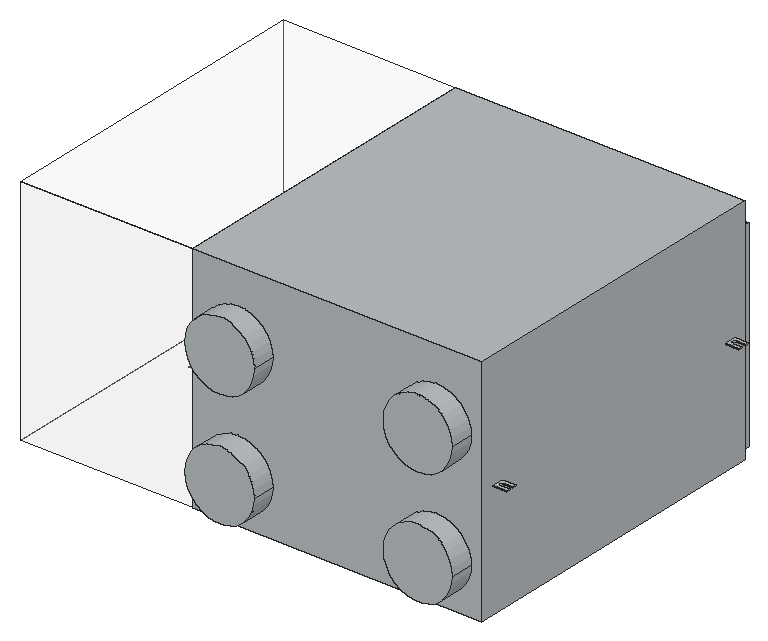
Revit family "lgh-n150_200rx4d_50Hz", category 機械設備, Revit 2019
Family settings
  丸型コネクタ寸法 = 直径を使用
  パーツ タイプ = 標準
  OmniClass 番号 = 23.75.10.34.21
  OmniClass タイトル = Heat Exchangers for Ventilation Air
  作業面ベース = いいえ
  常に垂直 = はい
  ロード時にボイドで切り取り = いいえ
  共有 = いいえ
  部屋計算ポイント = はい
Parameters (values of type "LGH-N150RX4D")
  騒音レベル(dB(A)) = 55
  風量 = 1500.0 m³/h
  面風速 = 8.5 m/s
  電源種別 [instance] = "一般"
  電圧 = 200 V
  電動機出力 = 0 W
  集中コントローラ = ""
  運転質量 = 0.00 kg
  連動 [instance] = ""
  質量 = if(製品質量 > 運転質量, 製品質量, 運転質量) * 1.2  # 144.00 kg
  負荷分類 = 3_ファン類
  説明 = "業務用ロスナイ 天井埋込形"
  設計風量 = 0.0 m³/h
  設置方法 = "天井吊(隠ぺい)形"
  記号 [instance] = ""
  製造元 = "MITSIBISHI ELECTRIC"
  製品質量 = 120.00 kg
  製品出荷対象 = "国内"
  製品リリース年月 = "2023/5/15"
  製品グループ = ""
  系統 [instance] = ""
  符号 = "HEU"
  積算_科目 = "1 空気調和設備"
  積算_拾い区分 [instance] = ""
  相 = 1
  盤記号 [instance] = ""
  発停方法 [instance] = ""
  特殊仕様 [instance] = ""
  点検口高さ = -Height  # -808 mm
  点検口離隔 = 150 mm
  点検口_Depth = 450 mm
  点検口 = yes
  火災停止 [instance] = ""
  温度交換効率 = 74.00%
  消費電力 = 840 W
  法定耐用年数 = "15"
  機外静圧_排気 = 170.0 Pa
  機外静圧 = 170.0 Pa
  極数 = 3
  材質 [instance] = ""
  本体マテリアル = 溶融亜鉛めっき鋼板
  操作・制御方式 = ""
  操作・制御スイッチ = ""
  排気量 = 0.0 m³/h
  形式 = "天井埋込ダクト形"
  幹線記号 [instance] = ""
  対象室 [instance] = ""
  実風量 = 0.0 m³/h
  始動方式 [instance] = "直入"
  天吊金具_径 = 15 mm
  天吊金具_幅 = 30 mm
  外気量 = 設計風量  # 0.0 m³/h
  呼称 = "全熱交換ユニット"
  周波数 = 50 Hz
  天吊金具ピッチ2 = 1010 mm
  天吊金具ピッチ1 = 1045 mm
  天吊金具_高さ = 404 mm
  参照している仕様書等のバージョン = ""
  初期抵抗 = 0.0 Pa
  分類コード = "50052504100070"
  分類グループ = ""
  価格 = 1294000
  企業コード = "108420"
  付属品_フィルター_還気 = ""
  付属品_フィルター = ""
  付属品 [instance] = ""
  仕様書バージョン = "Version1.0"
  モデル = "LGH-N150RX4D"
  メンテナンススペース = yes
  ダクト高 = 700 mm
  ダクト径 = 250 mm
  ダクト幅 = 270 mm
  コメント [instance] = ""
  Keynote = ""
  エンタルピ交換効率_暖房 = 76.00%
  エンタルピ交換効率_冷房 = 66.00%
  Assembly Code = ""
  Width = 1004 mm
  Version = ""
  Uniclass2015Version = "Systems v1.9"
  Uniclass2015Title = "Thermal wheels"
  Uniclass2015Code = "Pr_60_60_36_88"
  URL = "https://www.mitsubishielectric.co.jp/ldg/wink/qr/002/324468/"
  SpecificationReference = ""
  SpecificationDescription = ""
  SMAX風量 = 1500.0 m³/h
  SMAX静圧 = 170.0 Pa
  SAサイズ_D = 242 mm
  Revision = ""
  RAサイズ_D = 242 mm
  ProductInformation = ""
  OmniClassCode = "23-27 23 19 11"
  OAサイズ_W = 270 mm
  OAサイズ_D = 700 mm
  MIN風量 = 770.0 m³/h
  MIN静圧 = 41.0 Pa
  MID風量 = 1260.0 m³/h
  MID静圧 = 109.0 Pa
  MAX風量 = 1500.0 m³/h
  MAX静圧 = 155.0 Pa
  IfcTypeProduct = ""
  IfcProduct = ""
  IfcExportType = "ROTARYWHEEL"
  IfcExportAs = "IfcAirToAirHeatRecoveryType"
  Height = 808 mm
  EAサイズ_W = 270 mm
  EAサイズ_D = 700 mm
  Duct_Pitch = 690 mm
  Duct_Height = 242 mm
  Duct_Depth_SA_RA = 79 mm
  Duct_Depth_OA_EA = 44 mm
  Depth = 1144 mm
  Clearance Top = 0 mm
  Clearance Left = 600 mm
  Clearance Bottom = 0 mm
  Box_Width = 115 mm
  Box_Height = 262 mm
  Box_H = 125 mm
  Box_Depth = 172 mm
  Box_D = 144 mm
  Author = "MITSUBISHI ELECTRIC"
Types (2, lengths in mm): name | 騒音レベル(dB(A)) | 風量 | 面風速 | 質量 | 製品質量 | 温度交換効率 | 消費電力 | 機外静圧_排気 | 機外静圧 | 天吊金具ピッチ1 | 価格 | モデル | エンタルピ交換効率_暖房 | エンタルピ交換効率_冷房 | Width | URL | SMAX風量 | SMAX静圧 | MIN風量 | MIN静圧 | MID風量 | MID静圧 | MAX風量 | MAX静圧 | Duct_Pitch
  LGH-N150RX4D | 55 | 1500.0 m³/h | 8.5 m/s | 144.00 kg | 120.00 kg | 74.00% | 840 W | 170.0 Pa | 170.0 Pa | 1045 | 1294000 | "LGH-N150RX4D" | 76.00% | 66.00% | 1004 | "https://www.mitsubishielectric.co.jp/ldg/wink/qr/002/324468/" | 1500.0 m³/h | 170.0 Pa | 770.0 m³/h | 41.0 Pa | 1260.0 m³/h | 109.0 Pa | 1500.0 m³/h | 155.0 Pa | 690
  LGH-N200RX4D | 56 | 2000.0 m³/h | 11.3 m/s | 158.40 kg | 132.00 kg | 73.00% | 1060 W | 155.0 Pa | 155.0 Pa | 1272 | 1475000 | "LGH-N200RX4D" | 75.00% | 65.00% | 1231 | "https://www.mitsubishielectric.co.jp/ldg/wink/qr/002/324471/" | 2000.0 m³/h | 155.0 Pa | 840.0 m³/h | 23.0 Pa | 1400.0 m³/h | 64.0 Pa | 2000.0 m³/h | 130.0 Pa | 917
Reference planes
  plane 1 "中心(正面/背面)": y = 0
  plane 2: z = 0
  plane 3 "中心(左/右)": x = 0
  plane 4: x = -502
  plane 5: x = 502
  plane 6: y = 572
  plane 7: y = -572
  plane 8: z = -808
  plane 9: z = -242
  plane 10: x = -345
  plane 11: x = 345
  plane 12: y = -651
  plane 13: y = 616
  plane 14: x = -581
  plane 15: x = 581
  plane 16: x = -1102
  plane 17: y = -428
  plane 18: y = -256
  plane 19: z = -125
  plane 20: z = -387
  plane 21: x = -617
  plane 22: x = -652
  plane 23: y = 225
  plane 24: x = -522.5
  plane 25: x = 522.5
  plane 26: y = 505
  plane 27: y = -505
  plane 28: y = -225
  plane 29: x = -552.5
  plane 30: y = 525
  plane 31: y = 485
  plane 32: y = -485
  plane 33: y = -525
  plane 34: z = -5
  plane 35: z = -404
  plane 36: z = -407
  plane 37: x = 552.5
  plane 38: z = -404
  plane 39: x = 480
  plane 40: x = 210
  plane 41: x = -480
  plane 42: x = -210
  plane 43: z = -94
  plane 44: z = -794
  plane 45: z = -94
  plane 46: z = -794
  plane 47: z = -646
  plane 48: z = -529
  plane 49: z = -791
  plane 50: z = -444
  plane 51: z = 0
  plane 52: z = -808
Forms (mm)
  Extrusion 1, solid, material "溶融亜鉛めっき鋼板" <- "本体マテリアル", detail levels fine
    sketch origin (0, 0, 0) x (1, 0, 0) y (0, 1, 0)
      loop
        line (-502, 572) -> (-502, -572) -> (502, -572) -> (502, 572) -> (-502, 572)
    from 0 to -808
  Extrusion 2, solid, material "溶融亜鉛めっき鋼板" <- "本体マテリアル", detail levels fine
    sketch origin (502, -572, 0) x (-1, 0, 0) y (0, 0, -1)
      loop
        circle (847, 242) r 121
    from 0 to 79
  Extrusion 3, solid, material "溶融亜鉛めっき鋼板" <- "本体マテリアル", detail levels fine
    sketch origin (510, -445, 0) x (-1, 0, 0) y (0, 0, -1)
      loop
        circle (165, 242) r 121
    from 127 to 206
  Extrusion 4, solid, material "溶融亜鉛めっき鋼板" <- "本体マテリアル", detail levels fine
    sketch origin (-502, -572, 0) x (0, 1, 0) y (0, 0, -1)
      loop
        line (316, 125) -> (316, 387) -> (144, 387) -> (144, 125) -> (316, 125)
      loop
        line (316, 529) -> (316, 791) -> (144, 791) -> (144, 529) -> (316, 529)
    from 0 to 115
  Extrusion 5, solid, material "溶融亜鉛めっき鋼板" <- "本体マテリアル", detail levels fine
    sketch origin (0, 0, 0) x (1, 0, 0) y (0, 1, 0)
      loop
        line (-552.5, 525) -> (-552.5, 512.5) -> (-522.5, 512.5)
        arc (-522.5, 512.5) -> (-515, 505) -> (-522.5, 497.5) r 7.5
        line (-522.5, 497.5) -> (-552.5, 497.5) -> (-552.5, 485) -> (-502, 485) -> (-502, 525) -> (-552.5, 525)
    from -404 to -407
  Extrusion 6, solid, material "溶融亜鉛めっき鋼板" <- "本体マテリアル", detail levels fine
    sketch origin (0, 0, 0) x (1, 0, 0) y (0, 1, 0)
      loop
        line (-552.5, -525) -> (-502, -525) -> (-502, -485) -> (-552.5, -485) -> (-552.5, -497.5) -> (-522.5, -497.5)
        arc (-522.5, -497.5) -> (-515, -505) -> (-522.5, -512.5) r 7.5
        line (-522.5, -512.5) -> (-552.5, -512.5) -> (-552.5, -525)
    from -404 to -407
  Extrusion 7, solid, material "溶融亜鉛めっき鋼板" <- "本体マテリアル", detail levels fine
    sketch origin (0, 0, 0) x (-1, 0, 0) y (0, -1, 0)
      loop
        line (-552.5, 525) -> (-552.5, 512.5) -> (-522.5, 512.5)
        arc (-522.5, 512.5) -> (-515, 505) -> (-522.5, 497.5) r 7.5
        line (-522.5, 497.5) -> (-552.5, 497.5) -> (-552.5, 485) -> (-502, 485) -> (-502, 525) -> (-552.5, 525)
    from -404 to -407
  Extrusion 8, solid, material "溶融亜鉛めっき鋼板" <- "本体マテリアル", detail levels fine
    sketch origin (0, 0, 0) x (-1, 0, 0) y (0, -1, 0)
      loop
        line (-552.5, -525) -> (-502, -525) -> (-502, -485) -> (-552.5, -485) -> (-552.5, -497.5) -> (-522.5, -497.5)
        arc (-522.5, -497.5) -> (-515, -505) -> (-522.5, -512.5) r 7.5
        line (-522.5, -512.5) -> (-552.5, -512.5) -> (-552.5, -525)
    from -404 to -407
  Extrusion 9, solid, material "溶融亜鉛めっき鋼板" <- "本体マテリアル", detail levels fine
    sketch origin (0, 0, 0) x (1, 0, 0) y (0, 0, 1)
      loop
        circle (-345, -646) r 121
    from 572 to 651
  Extrusion 10, solid, material "溶融亜鉛めっき鋼板" <- "本体マテリアル", detail levels fine
    sketch origin (0, 0, 0) x (1, 0, 0) y (0, 0, 1)
      loop
        circle (345, -646) r 121
    from 572 to 651
  Extrusion 11, solid, material "溶融亜鉛めっき鋼板" <- "本体マテリアル", detail levels fine
    sketch origin (0, 0, 0) x (1, 0, 0) y (0, 0, 1)
      loop
        line (480, -794) -> (480, -94) -> (210, -94) -> (210, -794) -> (480, -794)
    from -616 to -572
  Extrusion 12, solid, material "溶融亜鉛めっき鋼板" <- "本体マテリアル", detail levels fine
    sketch origin (0, 0, 0) x (1, 0, 0) y (0, 0, 1)
      loop
        line (-480, -794) -> (-210, -794) -> (-210, -94) -> (-480, -94) -> (-480, -794)
    from -616 to -572
Lines and regions (mm)
  Masking region 1, detail levels coarse+medium
    outline origin (1326.5, 29, 0) x (1, 0, 0) y (0, 1, 0)
      loop
        line (-1828.5, 543) -> (-1828.5, -601) -> (-824.5, -601) -> (-824.5, 543) -> (-1828.5, 543)
  symbolic lines, detail levels coarse+medium
    curve 1: line (0, 572, 0) -> (-502, 0, 0)
    curve 2: line (-502, 0, 0) -> (0, -572, 0)
    curve 3: line (0, -572, 0) -> (502, 0, 0)
    curve 4: line (502, 0, 0) -> (0, 572, 0)
Dimensions and locks
  equal spacing: plane 4, plane 3 "中心(左/右)", plane 5
  "Width": plane 4 to plane 5
  equal spacing: plane 6, plane 1 "中心(正面/背面)", plane 7
  "Depth": plane 6 to plane 7
  "Height": level to plane 8
  "Duct_Height": level to plane 9
  equal spacing: plane 11, plane 3 "中心(左/右)", plane 10
  "Duct_Pitch": plane 11 to plane 10
  "Duct_Depth_OA_EA": plane 13 to plane 6
  "Duct_Depth_SA_RA": plane 7 to plane 12
  "Duct_Depth_SA_RA": plane 5 to plane 15
  "Duct_Depth_SA_RA": plane 14 to plane 4
  "Clearance Left": plane 16 to plane 4
  "Box_H": level to plane 19
  "Box_Height": plane 19 to plane 20
  "Box_D": plane 17 to plane 7
  "Box_Depth": plane 18 to plane 17
  "Box_Width": plane 21 to plane 4
  "点検口離隔": plane 22 to plane 4
  equal spacing: plane 24, plane 3 "中心(左/右)", plane 25
  "天吊金具ピッチ1": plane 24 to plane 25
  equal spacing: plane 26, plane 1 "中心(正面/背面)", plane 27
  "天吊金具ピッチ2": plane 26 to plane 27
  equal spacing: plane 23, plane 1 "中心(正面/背面)", plane 28
  "点検口_Depth": plane 23 to plane 28
  equal spacing: plane 30, plane 26, plane 31
  locked: plane 30 to plane 31 at 40
  "天吊金具_幅": plane 29 to plane 24
  "天吊金具_高さ": level to plane 35
  locked: plane 35 to plane 36 at 3
  equal spacing: plane 32, plane 27, plane 33
  locked: plane 32 to plane 33 at 40
  "天吊金具_幅": plane 25 to plane 37
  equal spacing: plane 8, plane 38, level
  equal spacing: plane 40, plane 11, plane 39
  "EAサイズ_W": plane 40 to plane 39
  equal spacing: plane 42, plane 10, plane 41
  "OAサイズ_W": plane 42 to plane 41
  "EAサイズ_D": plane 44 to plane 43
  "OAサイズ_D": plane 46 to plane 45
  "Duct_Height": plane 38 to plane 47
  "Box_H": plane 38 to plane 48
  "Box_Height": plane 48 to plane 49
  locked: plane 50 to plane 38 at 40
  equal spacing: plane 44, plane 50, plane 43
  equal spacing: plane 46, plane 50, plane 45
  "Clearance Top": plane 51 to level
  "Clearance Bottom": plane 8 to plane 52
  "RAサイズ_D": diameter of Extrusion 3 sketch curve
  "SAサイズ_D": diameter of Extrusion 9 sketch curve
  "RAサイズ_D": diameter of Extrusion 10 sketch curve
  "SAサイズ_D": diameter of Extrusion 2 sketch curve
  "天吊金具_径": diameter of Extrusion 6 sketch curve
  "天吊金具_径": diameter of Extrusion 7 sketch curve
  "天吊金具_径": diameter of Extrusion 8 sketch curve
  "天吊金具_径": diameter of Extrusion 5 sketch curve
  aligned and locked: level to plane 2
  aligned and locked: Extrusion 1 to plane 8
  aligned and locked: Extrusion 2 to plane 12
  aligned and locked: plane 7 to Extrusion 2
  aligned and locked: plane 7 to Extrusion 3
  aligned and locked: Extrusion 3 to plane 12
  aligned and locked: plane 16 to nested 1
  aligned and locked: plane 4 to nested 1
  aligned and locked: nested 1 to plane 6
  aligned and locked: nested 1 to plane 7
  aligned and locked: Extrusion 4 to plane 21
  aligned and locked: plane 4 to Extrusion 4
  aligned and locked: Masking region 1 to plane 4
  aligned and locked: plane 5 to Masking region 1
  aligned and locked: plane 6 to Masking region 1
  aligned and locked: Masking region 1 to plane 7
  aligned and locked: plane 25 to nested 2
  aligned and locked: plane 24 to nested 2
  aligned and locked: nested 2 to plane 27
  aligned and locked: plane 26 to nested 2
  aligned and locked: Extrusion 4 to plane 18
  aligned and locked: Extrusion 4 to plane 20
  aligned and locked: plane 19 to Extrusion 4
  aligned and locked: plane 17 to Extrusion 4
  aligned and locked: plane 22 to nested 3
  aligned and locked: plane 16 to nested 3
  aligned and locked: plane 23 to nested 3
  aligned and locked: nested 3 to plane 28
  aligned and locked: plane 29 to Extrusion 5 sketch curve  (x2)
  aligned and locked: Extrusion 5 sketch curve to plane 4
  aligned and locked: plane 31 to Extrusion 5 sketch curve
  aligned and locked: Extrusion 5 sketch curve to plane 30
  aligned and locked: Extrusion 5 to plane 35
  aligned and locked: Extrusion 5 to plane 36
  aligned and locked: Extrusion 6 sketch curve to plane 29  (x2)
  aligned and locked: plane 32 to Extrusion 6 sketch curve
  aligned and locked: Extrusion 6 sketch curve to plane 33
  aligned and locked: plane 4 to Extrusion 6 sketch curve
  aligned and locked: plane 35 to Extrusion 6
  aligned and locked: Extrusion 6 to plane 36
  aligned and locked: plane 37 to Extrusion 7 sketch curve  (x2)
  aligned and locked: Extrusion 7 sketch curve to plane 32
  aligned and locked: plane 33 to Extrusion 7 sketch curve
  aligned and locked: plane 5 to Extrusion 7 sketch curve
  aligned and locked: Extrusion 7 to plane 36
  aligned and locked: plane 35 to Extrusion 7
  aligned and locked: Extrusion 8 sketch curve to plane 37  (x2)
  aligned and locked: Extrusion 8 sketch curve to plane 31
  aligned and locked: plane 30 to Extrusion 8 sketch curve
  aligned and locked: Extrusion 8 sketch curve to plane 5
  aligned and locked: plane 35 to Extrusion 8
  aligned and locked: Extrusion 8 to plane 36
  aligned and locked: Extrusion 9 to plane 12
  aligned and locked: plane 7 to Extrusion 9
  aligned and locked: Extrusion 10 to plane 12
  aligned and locked: plane 7 to Extrusion 10
  aligned and locked: plane 44 to Extrusion 11 sketch curve
  aligned and locked: plane 39 to Extrusion 11 sketch curve
  aligned and locked: Extrusion 11 sketch curve to plane 43
  aligned and locked: Extrusion 11 sketch curve to plane 40
  aligned and locked: Extrusion 12 sketch curve to plane 46
  aligned and locked: Extrusion 12 sketch curve to plane 41
  aligned and locked: plane 45 to Extrusion 12 sketch curve
  aligned and locked: plane 42 to Extrusion 12 sketch curve
  aligned and locked: plane 13 to Extrusion 12
  aligned and locked: Extrusion 12 to plane 6
  aligned and locked: plane 13 to Extrusion 11
  aligned and locked: Extrusion 11 to plane 6
  aligned and locked: Extrusion 4 sketch curve to plane 48
  aligned and locked: plane 18 to Extrusion 4 sketch curve
  aligned and locked: plane 49 to Extrusion 4 sketch curve
  aligned and locked: Extrusion 4 sketch curve to plane 17
  aligned and locked: plane 52 to nested 1
  aligned and locked: plane 51 to nested 1
Automatic sketch dimensions
  plane 1 "中心(正面/背面)" to curve 1 = 0 mm
  curve 1 to plane 4 = 0 mm
  curve 2 to plane 3 "中心(左/右)" = 0 mm
  curve 4 to plane 3 "中心(左/右)" = 0 mm
  plane 1 "中心(正面/背面)" to curve 4 = 0 mm
  curve 4 to plane 5 = 0 mm
  curve 2 to plane 7 = 0 mm
  curve 4 to plane 6 = 0 mm
  Extrusion 1 sketch curve to plane 4 = 0 mm
  Extrusion 1 sketch curve to plane 5 = 0 mm
  Extrusion 1 sketch curve to plane 7 = 0 mm
  Extrusion 1 sketch curve to plane 6 = 0 mm
  Extrusion 3 sketch curve to plane 9 = 0 mm
  Extrusion 3 sketch curve to plane 11 = 0 mm
  Masking region 1 sketch curve to plane 4 = 0 mm
  Masking region 1 sketch curve to plane 5 = 0 mm
  Masking region 1 sketch curve to plane 7 = 0 mm
  Masking region 1 sketch curve to plane 6 = 0 mm
  Extrusion 9 sketch curve to plane 10 = 0 mm
  Extrusion 9 sketch curve to plane 47 = 0 mm
  Extrusion 10 sketch curve to plane 11 = 0 mm
  Extrusion 10 sketch curve to plane 47 = 0 mm
  Extrusion 5 sketch curve to plane 24 = 0 mm
  Extrusion 5 sketch curve to plane 26 = 0 mm
  Extrusion 6 sketch curve to plane 24 = 0 mm
  Extrusion 6 sketch curve to plane 27 = 0 mm
  Extrusion 7 sketch curve to plane 25 = 0 mm
  Extrusion 7 sketch curve to plane 27 = 0 mm
  Extrusion 8 sketch curve to plane 25 = 0 mm
  Extrusion 8 sketch curve to plane 26 = 0 mm
  Extrusion 1 to Extrusion 2 sketch curve = 157 mm
  Extrusion 1 to Extrusion 2 sketch curve = 242 mm
  Extrusion 4 sketch curve to Extrusion 1 = 144 mm
  Extrusion 4 sketch curve to Extrusion 4 sketch curve = 172 mm
  Extrusion 4 sketch curve to Extrusion 4 sketch curve = 142 mm
  Extrusion 1 to Extrusion 4 sketch curve = 125 mm
Nested families
  nested 1: "メンテナンススペース" at (-802, 0, -404), visible <- "メンテナンススペース", type "メンテナンススペース"
    with Width 600 mm, Height 808 mm, Depth 1144 mm
  nested 2: "固定点" at (-522.5, -505, 0), type "固定点"
    with W 1045 mm, D 1010 mm
  nested 3: "点検口設置範囲" at (-877, 0, -808), built-in parameter 1001364 <- "点検口高さ", visible <- "点検口", type "点検口設置範囲"
    with Width 450 mm, Depth 450 mm
Connectors
  hvac at (-345, -651, -242), driven by "ダクト径", driven by "機外静圧", driven by "風量"
    settings: on Extrusion 2, index 1, duct flow 1500.0 m³/h, flow factor 0, pres drop 170.0 Pa, loss coef 0, conn angle 0.00°, conn width 304.8 mm, conn height 304.8 mm, conn diameter 250 mm, duct sys type 1, conn prof type 0, flow config 0, flow direction 2, loss method 4, conn ref index -1, conn util no, is conn primary yes, conn desc ""
  hvac at (345, -651, -242), driven by "ダクト径", driven by "機外静圧", driven by "風量"
    settings: on Extrusion 3, index 2, duct flow 1500.0 m³/h, flow factor 0, pres drop 170.0 Pa, loss coef 0, conn angle 0.00°, conn width 304.8 mm, conn height 304.8 mm, conn diameter 250 mm, duct sys type 2, conn prof type 0, flow config 0, flow direction 1, loss method 4, conn ref index -1, conn util no, is conn primary no, conn desc ""
  electrical at (-559.5, -428, -256), driven by "負荷分類", driven by "極数", driven by "電圧", driven by "消費電力"
    settings: on Extrusion 4, index 7, voltage 200 V, apparent load 840 VA, apparent load phase1 0 VA, apparent load phase2 0 VA, apparent load phase3 0 VA, power factor 1, load classification "3_ファン類", number of poles 3, system type 30, power factor state 1, is connector primary yes, connector utility no, sub classification motor no, connector description ""
  hvac at (-345, -651, -646), driven by "ダクト径", driven by "機外静圧", driven by "風量"
    settings: on Extrusion 9, index 8, duct flow 1500.0 m³/h, flow factor 0, pres drop 170.0 Pa, loss coef 0, conn angle 0.00°, conn width 304.8 mm, conn height 304.8 mm, conn diameter 250 mm, duct sys type 1, conn prof type 0, flow config 0, flow direction 2, loss method 4, conn ref index -1, conn util no, is conn primary no, conn desc ""
  hvac at (345, -651, -646), driven by "ダクト径", driven by "機外静圧", driven by "風量"
    settings: on Extrusion 10, index 9, duct flow 1500.0 m³/h, flow factor 0, pres drop 170.0 Pa, loss coef 0, conn angle 0.00°, conn width 304.8 mm, conn height 304.8 mm, conn diameter 250 mm, duct sys type 2, conn prof type 0, flow config 0, flow direction 1, loss method 4, conn ref index -1, conn util no, is conn primary no, conn desc ""
  hvac at (345, 616, -444), driven by "ダクト高", driven by "ダクト幅", driven by "機外静圧_排気", driven by "排気量"
    settings: on Extrusion 11, index 10, duct flow 0.0 m³/h, flow factor 0, pres drop 170.0 Pa, loss coef 0, conn angle 0.00°, conn width 270 mm, conn height 700 mm, conn diameter 609.6 mm, duct sys type 3, conn prof type 1, flow config 0, flow direction 2, loss method 4, conn ref index -1, conn util no, is conn primary no, conn desc ""
  hvac at (-345, 616, -444), driven by "ダクト幅", driven by "ダクト高", driven by "機外静圧", driven by "風量"
    settings: on Extrusion 12, index 11, duct flow 1500.0 m³/h, flow factor 0, pres drop 170.0 Pa, loss coef 0, conn angle 0.00°, conn width 270 mm, conn height 700 mm, conn diameter 609.6 mm, duct sys type 4, conn prof type 1, flow config 0, flow direction 1, loss method 4, conn ref index -1, conn util no, is conn primary no, conn desc ""
Definition of nested family "メンテナンススペース"
  Parameters (values of type "メンテナンススペース")
    Width [instance] = 500 mm
    Height [instance] = 500 mm
    Depth [instance] = 500 mm
  Reference planes
    plane 1 "中心(正面/背面)": y = 0
    plane 2: z = 0
    plane 3 "中心(左/右)": x = 0
    plane 4: y = -250
    plane 5: x = 250
    plane 6: y = 250
    plane 7: x = -250
    plane 8: z = 250
    plane 9: z = -250
  Forms (mm)
    Extrusion 1, solid
      sketch origin (-638.939, 0, 72.39) x (1, 0, 0) y (0, 1, 0)
        loop
          line (388.939, 250) -> (388.939, -250) -> (888.939, -250) -> (888.939, 250) -> (388.939, 250)
      from -322.39 to 177.61
  Lines and regions (mm)
    symbolic lines
      curve 1: line (-250, 0, 250) -> (250, 0, 250)
      curve 2: line (-250, 0, -250) -> (-250, 0, 250)
      curve 3: line (250, 0, -250) -> (-250, 0, -250)
      curve 4: line (250, 0, 250) -> (250, 0, -250)
      curve 5: line (0, -250, 250) -> (0, 250, 250)
      curve 6: line (0, -250, -250) -> (0, -250, 250)
      curve 7: line (0, 250, -250) -> (0, -250, -250)
      curve 8: line (0, 250, 250) -> (0, 250, -250)
      curve 9: line (-250, 250, 0) -> (250, 250, 0)
      curve 10: line (-250, -250, 0) -> (-250, 250, 0)
      curve 11: line (250, -250, 0) -> (-250, -250, 0)
      curve 12: line (250, 250, 0) -> (250, -250, 0)
  Dimensions and locks
    equal spacing: plane 7, plane 3 "中心(左/右)", plane 5
    equal spacing: plane 4, plane 1 "中心(正面/背面)", plane 6
    "Depth": plane 4 to plane 6
    "Width": plane 7 to plane 5
    equal spacing: plane 8, plane 2, plane 9
    "Height": plane 8 to plane 9
    aligned and locked: plane 9 to curve 3
    aligned and locked: plane 7 to curve 2
    aligned and locked: curve 4 to plane 5
    aligned and locked: plane 5 to Extrusion 1
    aligned and locked: Extrusion 1 to plane 7
    aligned and locked: Extrusion 1 to plane 9
    aligned and locked: plane 8 to Extrusion 1
    aligned and locked: plane 9 to curve 7
  Automatic sketch dimensions
    plane 4 to Extrusion 1 sketch curve = 0 mm
    Extrusion 1 sketch curve to plane 7 = 0 mm
    Extrusion 1 sketch curve to plane 5 = 0 mm
    plane 6 to Extrusion 1 sketch curve = 0 mm
    curve 2 to plane 8 = 0 mm
    plane 4 to curve 11 = 0 mm
    curve 11 to plane 7 = 0 mm
    curve 11 to plane 5 = 0 mm
    plane 6 to curve 10 = 0 mm
    curve 7 to plane 4 = 0 mm
    curve 7 to plane 6 = 0 mm
    curve 6 to plane 8 = 0 mm
Definition of nested family "固定点"
  Parameters (values of type "固定点")
    中心円 = 20 mm
    W [instance] = 1000 mm
    D [instance] = 1000 mm
  Reference planes
    plane 1 "中心(正面/背面)": y = 0
    plane 2: z = 0
    plane 3 "中心(左/右)": x = 0
    plane 4: x = 1000
    plane 5: y = 1000
  Lines and regions (mm)
    symbolic lines, detail levels fine
      curve 1: circle (0, 1000, 0) r 10 normal (0, 0, 1)
      curve 2: circle (0, 0, 0) r 10 normal (0, 0, 1)
      curve 3: circle (1000, 1000, 0) r 10 normal (0, 0, 1)
      curve 4: circle (1000, 0, 0) r 10 normal (0, 0, 1)
      curve 5: line (-200, 1000, 0) -> (1200, 1000, 0)
      curve 6: line (-200, 0, 0) -> (1200, 0, 0)
      curve 7: line (0, 1200, 0) -> (0, -200, 0)
      curve 8: line (1000, 1200, 0) -> (1000, -200, 0)
  Dimensions and locks
    "W": plane 3 "中心(左/右)" to plane 4
    "D": plane 1 "中心(正面/背面)" to plane 5
    "中心円": diameter of curve 1
    "中心円": diameter of curve 2
    "中心円": diameter of curve 3
    "中心円": diameter of curve 4
    aligned and locked: level to plane 2
    aligned and locked: plane 5 to curve 1
    aligned and locked: plane 3 "中心(左/右)" to curve 1
    aligned and locked: plane 3 "中心(左/右)" to curve 2
    aligned and locked: plane 1 "中心(正面/背面)" to curve 2
    aligned and locked: plane 4 to curve 3
    aligned and locked: plane 5 to curve 3
    aligned and locked: plane 1 "中心(正面/背面)" to curve 4
    aligned and locked: plane 4 to curve 4
    aligned and locked: plane 1 "中心(正面/背面)" to curve 6
    aligned and locked: curve 7 to plane 3 "中心(左/右)"
    aligned and locked: curve 8 to plane 4
  Automatic sketch dimensions
    curve 5 to plane 5 = 0 mm
    curve 6 to plane 3 "中心(左/右)" = 200 mm
    curve 5 to plane 3 "中心(左/右)" = 200 mm
    curve 4 to curve 6 = 200 mm
    curve 3 to curve 5 = 200 mm
    plane 1 "中心(正面/背面)" to curve 8 = 200 mm
    plane 1 "中心(正面/背面)" to curve 7 = 200 mm
    curve 3 to curve 8 = 200 mm
    curve 1 to curve 7 = 200 mm
Definition of nested family "点検口設置範囲"
  Parameters (values of type "点検口設置範囲")
    Width [instance] = 1000 mm
    Depth [instance] = 700 mm
  Reference planes
    plane 1 "中心(正面/背面)": y = 0
    plane 2: z = 0
    plane 3 "中心(左/右)": x = 0
    plane 4: x = -500
    plane 5: x = 500
    plane 6: y = -350
    plane 7: y = 350
  Lines and regions (mm)
    model lines
      curve 1: line (-500, 350, 0) -> (500, 350, 0)
      curve 2: line (-500, -350, 0) -> (-500, 350, 0)
      curve 3: line (500, -350, 0) -> (-500, -350, 0)
      curve 4: line (500, 350, 0) -> (500, -350, 0)
  Dimensions and locks
    "Depth": plane 7 to plane 6
    "Width": plane 4 to plane 5
    equal spacing: plane 7, plane 1 "中心(正面/背面)", plane 6
    equal spacing: plane 4, plane 3 "中心(左/右)", plane 5
    aligned and locked: level to plane 2
    aligned and locked: plane 4 to curve 2
    aligned and locked: curve 1 to plane 7
    aligned and locked: curve 4 to plane 5
    aligned and locked: plane 6 to curve 3
